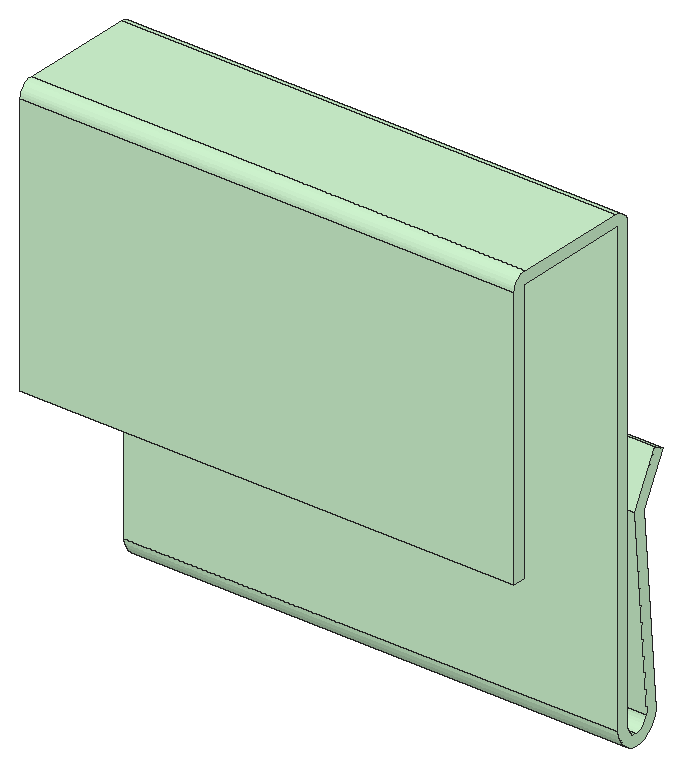
Revit family "sqspacer_w10", category 機械設備, Revit 2020
Family settings
  丸型コネクタ寸法 = 直径を使用
  種別 = なし
  パーツ タイプ = 標準
  作業面ベース = いいえ
  常に垂直 = はい
  ロード時にボイドで切り取り = いいえ
  共有 = いいえ
  部屋計算ポイント = いいえ
Parameters
  製造元 = "株式会社桐井製作所"
  既定の高さ = 0 mm
  URL = "https://www.kirii.co.jp/"
  K_材質 = "溶融亜鉛めっき鋼板"
  K_品名 = "SQ-スペーサーW10"
  K_名称 = "SQ-BAR関連部材"
  K_入数 = "800"
  K_バージョン情報 = "20210524"
Reference planes
  plane 1 "中心(正面/背面)": y = 0
  plane 2: z = 0
  plane 3 "中心(左/右)": x = 0
Forms (mm)
  Extrusion 1, solid
    sketch origin (-17.5, 0, 0) x (0, 1, 0) y (0, 0, 1)
      loop
        line (-9.885, 33.7) -> (-1.485, 33.7) -> (-1.485, 1.6)
        arc (-1.485, 1.6) -> (-0.957, 0.494) -> (0.165, 0) r 1.763
        arc (0.165, 0) -> (1.286, 0.494) -> (1.815, 1.6) r 1.763
        line (1.815, 1.6) -> (0.815, 14.7) -> (2.436, 17.942) -> (1.72, 18.3) -> (0, 14.86) -> (1.013, 1.588)
        arc (1.013, 1.588) -> (0.733, 1.039) -> (0.165, 0.8) r 0.897
        arc (0.165, 0.8) -> (-0.408, 1.043) -> (-0.685, 1.6) r 0.897
        line (-0.685, 1.6) -> (-0.685, 33.5)
        arc (-0.685, 33.5) -> (-0.978, 34.207) -> (-1.685, 34.5) r 1
        line (-1.685, 34.5) -> (-9.685, 34.5)
        arc (-9.685, 34.5) -> (-10.393, 34.207) -> (-10.685, 33.5) r 1
        line (-10.685, 33.5) -> (-10.685, 15) -> (-9.885, 15) -> (-9.885, 33.7)
    from 0 to 35
Dimensions and locks
  aligned and locked: level to plane 2
